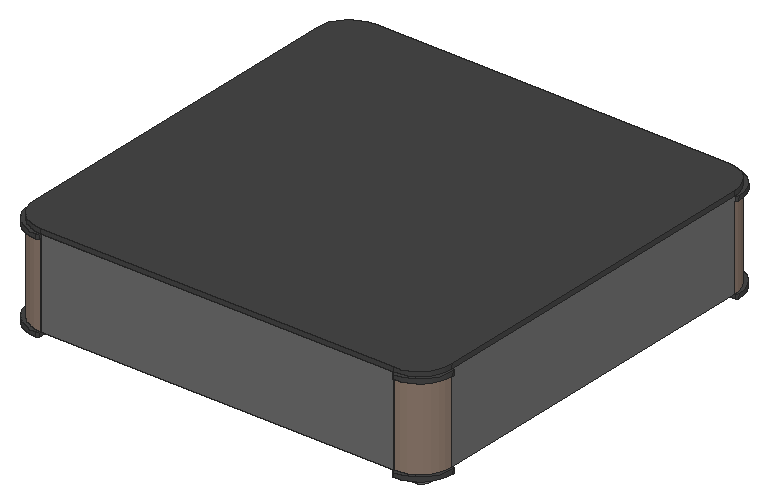
Revit family "QF_ADVENTYS_IE_1000_C-B_250902065221", category Specialty Equipment, Revit 2021
Family settings
  Round Connector Dimension = Use Diameter
  Part Type = Normal
  OmniClass Number = 23.40.40.14
  OmniClass Title = Food Service Equipment
  Work Plane-Based = No
  Always vertical = Yes
  Cut with Voids When Loaded = No
  Shared = No
  Room Calculation Point = No
Parameters (values of type "ADV1852")
  Weight in Pounds [instance] = 0
  Weight = 5.50 kg
  Warranty Start Date [instance] = ""
  Warranty Duration [instance] = ""
  Volts [instance] = 230 V
  URL Recommended Spares List = ""
  URL Manufacturer = ""
  URL Cutsheet = ""
  URL Critical Spares List = ""
  URL = "www.adventys.com"
  Tag Number [instance] = ""
  Status [instance] = ""
  Specification by User [instance] = ""
  Specification by Manufacturer [instance] = ""
  Sound Level [instance] = ""
  Solid Fuel Type [instance] = ""
  Service Life Duration [instance] = ""
  Serial Number [instance] = ""
  Seismic Rating [instance] = ""
  SMACNA No [instance] = ""
  Revision Code [instance] = ""
  Revision [instance] = ""
  Production Year [instance] = ""
  Point Load [instance] = 0
  Phase [instance] = 1
  Other Equipment Approvals [instance] = ""
  Number of Poles [instance] = 2
  NAFEM Spec ID Number [instance] = ""
  Model Warning [instance] = ""
  Model = "IE 1000 C-B"
  Min Ckt Ampacity [instance] = 0 A
  Max Overcurrent Protection [instance] = 16 A
  Masterspec [instance] = ""
  Manufacturer = "ADVENTYS"
  Length Actual = 390 mm
  Item Number [instance] = ""
  Installed By [instance] = ""
  Installation Date [instance] = ""
  Identify Quantity as Lot [instance] = no
  ID [instance] = ""
  Hygiene Approval [instance] = ""
  Hot Water Consumption = 0.0 L/s
  Height Actual = 96 mm
  HP power [instance] = ""
  Furnished By [instance] = ""
  Foodservice Equipment Identifier [instance] = no
  FL Amps [instance] = 10 A
  Electrical Remarks [instance] = ""
  Electric power [instance] = 0 W
  Electric Connection Type [instance] = ""
  Elec Conn RI Height [instance] = 0 mm
  Elec Conn Connection Height [instance] = 0 mm
  ETL Approved [instance] = no
  Description = "CUSTOMIZABLE 1 ZONE INDUCTION BUFFET"
  Depth Actual = 390 mm
  Default Elevation = 0 mm
  Cycle [instance] = 50 Hz
  Cost = 0
  Conn Plug [instance] = ""
  Conn Conduit [instance] = no
  CSI MasterFormat [instance] = ""
  CE Approved [instance] = no
  Barcode [instance] = 0
  Author [instance] = ""
  Asset Identifier [instance] = ""
  Apparent Power [instance] = 1000 VA
  Accessory = no
Reference planes
  plane 1 "Center (Front/Back)": y = 0
  plane 2: z = 0
  plane 3 "Center (Left/Right)": x = 0
Forms (mm)
  Extrusion 1, solid, not visible
    sketch origin (119.506, -2, 47.502) x (1, 0, 0) y (0, 1, 0)
      loop
        line (-2, 2) -> (-2, -2) -> (2, -2) -> (2, 2) -> (-2, 2)
    from -2 to 2
Dimensions and locks
  locked: Extrusion 1 to nested 2
  locked: nested 2 to Extrusion 1 at 2
  aligned and locked: level to plane 2
Nested families
  nested 1: "QF_ADVENTYS_ADV1852_2916" at (0, 0, 0), type "ADV1852"
    with Status "", Show Logo yes, Show Clearance yes
  nested 2: "CONN_POINT_ELE_2D___Generic_Annotation" at (119.506, 0, 47.502), type "CONN_POINT_ELE_2D___Generic_Annotation"
    with Onboard connection annotation symbol visibility yes
Connectors
  electrical at (119.506, 0, 47.502), driven by "Apparent Power", driven by "Number of Poles", driven by "Volts"
    settings: on Extrusion 1, index 1, voltage 230 V, apparent load 0 VA, apparent load phase1 1000 VA, apparent load phase2 0 VA, apparent load phase3 0 VA, power factor 1, load classification "Other", number of poles 2, system type 31, power factor state 1, is connector primary yes, connector utility no, sub classification motor no, connector description "Electrical connection for IE 1000 C-B"
Definition of nested family "QF_ADVENTYS_ADV1852_2916"
  Parameters (values of type "ADV1852")
    URL = "www.adventys.com"
    Status [instance] = ""
    Show Logo [instance] = yes
    Show Clearance [instance] = yes
    Model = "IE 1000 C-B"
    Manufacturer = "ADVENTYS"
    Description = "CUSTOMIZABLE 1 ZONE INDUCTION BUFFET"
    Default Elevation = 0 mm
    Author = "SPECIFI"
    Assembly Code = "E1090320"
  Reference planes
    plane 1 "Back": y = 0
    plane 2: z = 0
    plane 3 "Left": x = 0
    plane 4 "Right": x = 390
    plane 5 "Front": y = -390
    plane 6 "Top": z = 96
  Forms (mm)
    Extrusion 1, solid
      sketch origin (-437.879, -390, -60.3) x (1, 0, 0) y (0, 1, 0)
        loop
          line (437.879, 360) -> (437.879, 30) -> (467.879, 30) -> (467.879, 0) -> (797.879, 0) -> (797.879, 30) -> (827.879, 30) -> (827.879, 360) -> (797.879, 360) -> (797.879, 390) -> (577.879, 390) -> (577.879, 380) -> (482.879, 380) -> (482.879, 390) -> (467.879, 390) -> (467.879, 360) -> (437.879, 360)
      from 70.3 to 152.3
    Extrusion 2, solid
      sketch origin (30, -390, -14.006) x (1, 0, 0) y (0, 1, 0)
        loop
          line (0, 30) -> (-30.98, 30)
          arc (-30.98, 30) -> (-32.402, 29.388) -> (-32.935, 27.935) r 1.958
          arc (-32.935, 27.935) -> (-23.852, 6.102) -> (-2, -2.935) r 30.935
          arc (-2, -2.935) -> (-0.586, -2.35) -> (0, -0.935) r 2
          line (0, -0.935) -> (0, 30)
        loop
          line (330, 30) -> (330, -0.935)
          arc (330, -0.935) -> (330.586, -2.35) -> (332, -2.935) r 2
          arc (332, -2.935) -> (353.852, 6.102) -> (362.935, 27.935) r 30.935
          arc (362.935, 27.935) -> (362.402, 29.388) -> (360.98, 30) r 1.958
          line (360.98, 30) -> (330, 30)
        loop
          line (0, 360) -> (0, 390.935)
          arc (0, 390.935) -> (-0.586, 392.35) -> (-2, 392.935) r 2
          arc (-2, 392.935) -> (-23.852, 383.898) -> (-32.935, 362.065) r 30.935
          arc (-32.935, 362.065) -> (-32.402, 360.612) -> (-30.98, 360) r 1.958
          line (-30.98, 360) -> (0, 360)
        loop
          line (330, 360) -> (360.98, 360)
          arc (360.98, 360) -> (362.402, 360.612) -> (362.935, 362.065) r 1.958
          arc (362.935, 362.065) -> (353.852, 383.898) -> (332, 392.935) r 30.935
          arc (332, 392.935) -> (330.586, 392.35) -> (330, 390.935) r 2
          line (330, 390.935) -> (330, 360)
      from 20.006 to 24.006
    Extrusion 3, solid
      sketch origin (-430.601, -391.294, 0.995) x (1, 0, 0) y (0, 1, 0)
        loop
          circle (803.349, 18.158) r 8
        loop
          circle (447.454, 18.158) r 8
        loop
          circle (803.349, 374.212) r 8
        loop
          circle (447.454, 374.212) r 8
      from -0.995 to 5
    Extrusion 4, solid
      sketch origin (30, -390, 71.994) x (1, 0, 0) y (0, 1, 0)
        loop
          line (0, 0) -> (330, 0)
          arc (330, 0) -> (351.213, 8.787) -> (360, 30) r 30
          line (360, 30) -> (360, 360)
          arc (360, 360) -> (351.213, 381.213) -> (330, 390) r 30
          line (330, 390) -> (0, 390)
          arc (0, 390) -> (-21.213, 381.213) -> (-30, 360) r 30
          line (-30, 360) -> (-30, 30)
          arc (-30, 30) -> (-21.213, 8.787) -> (0, 0) r 30
      from 20.006 to 24.006
    Extrusion 5, solid
      sketch origin (30, -390, 67.994) x (1, 0, 0) y (0, 1, 0)
        loop
          arc (330, 390) -> (351.213, 381.213) -> (360, 360) r 30
          line (360, 360) -> (360.98, 360)
          arc (360.98, 360) -> (362.402, 360.612) -> (362.935, 362.065) r 1.958
          arc (362.935, 362.065) -> (353.852, 383.898) -> (332, 392.935) r 30.935
          arc (332, 392.935) -> (330.586, 392.35) -> (330, 390.935) r 2
          line (330, 390.935) -> (330, 390)
        loop
          line (330, 0) -> (330, -0.935)
          arc (330, -0.935) -> (330.586, -2.35) -> (332, -2.935) r 2
          arc (332, -2.935) -> (353.852, 6.102) -> (362.935, 27.935) r 30.935
          arc (362.935, 27.935) -> (362.402, 29.388) -> (360.98, 30) r 1.958
          line (360.98, 30) -> (360, 30)
          arc (360, 30) -> (351.213, 8.787) -> (330, 0) r 30
        loop
          line (0, 390) -> (0, 390.935)
          arc (0, 390.935) -> (-0.586, 392.35) -> (-2, 392.935) r 2
          arc (-2, 392.935) -> (-23.852, 383.898) -> (-32.935, 362.065) r 30.935
          arc (-32.935, 362.065) -> (-32.402, 360.612) -> (-30.98, 360) r 1.958
          line (-30.98, 360) -> (-30, 360)
          arc (-30, 360) -> (-21.213, 381.213) -> (0, 390) r 30
        loop
          arc (0, 0) -> (-21.213, 8.787) -> (-30, 30) r 30
          line (-30, 30) -> (-30.98, 30)
          arc (-30.98, 30) -> (-32.402, 29.388) -> (-32.935, 27.935) r 1.958
          arc (-32.935, 27.935) -> (-23.852, 6.102) -> (-2, -2.935) r 30.935
          arc (-2, -2.935) -> (-0.586, -2.35) -> (0, -0.935) r 2
          line (0, -0.935) -> (0, 0)
      from 20.006 to 24.006
    Extrusion 6, solid
      sketch origin (929.629, 0.2, -60.3) x (1, 0, 0) y (0, 0, 1)
        loop
          line (-603.629, 131.7) -> (-763.629, 131.7)
          arc (-763.629, 131.7) -> (-767.164, 130.236) -> (-768.629, 126.7) r 5
          line (-768.629, 126.7) -> (-768.629, 96.7)
          arc (-768.629, 96.7) -> (-767.164, 93.164) -> (-763.629, 91.7) r 5
          line (-763.629, 91.7) -> (-603.629, 91.7)
          arc (-603.629, 91.7) -> (-600.093, 93.164) -> (-598.629, 96.7) r 5
          line (-598.629, 96.7) -> (-598.629, 126.7)
          arc (-598.629, 126.7) -> (-600.093, 130.236) -> (-603.629, 131.7) r 5
      from -0.2 to 1.8
    Extrusion 7, solid
      sketch origin (1008.007, 0.6, -0.3) x (1, 0, 0) y (0, 0, 1)
        loop
          line (-925.507, 59.78) -> (-958.507, 59.78)
          arc (-958.507, 59.78) -> (-959.214, 59.487) -> (-959.507, 58.78) r 1
          line (-959.507, 58.78) -> (-959.507, 33.78)
          arc (-959.507, 33.78) -> (-959.214, 33.073) -> (-958.507, 32.78) r 1
          line (-958.507, 32.78) -> (-925.507, 32.78)
          arc (-925.507, 32.78) -> (-924.8, 33.073) -> (-924.507, 33.78) r 1
          line (-924.507, 33.78) -> (-924.507, 58.78)
          arc (-924.507, 58.78) -> (-924.8, 59.487) -> (-925.507, 59.78) r 1
        loop
          line (-933.072, 56.28) -> (-950.243, 56.28) -> (-955.657, 50.866) -> (-955.657, 39.28)
          arc (-955.657, 39.28) -> (-954.779, 37.159) -> (-952.657, 36.28) r 3
          line (-952.657, 36.28) -> (-930.657, 36.28)
          arc (-930.657, 36.28) -> (-928.536, 37.159) -> (-927.657, 39.28) r 3
          line (-927.657, 39.28) -> (-927.657, 50.866) -> (-933.072, 56.28)
      from -1.4 to 0.6
    Extrusion 8, solid
      sketch origin (621.129, 0.1, -1.33) x (1, 0, 0) y (0, 0, 1)
        loop
          line (-487.629, 59.78) -> (-515.629, 59.78)
          arc (-515.629, 59.78) -> (-516.336, 59.487) -> (-516.629, 58.78) r 1
          line (-516.629, 58.78) -> (-516.629, 26.78)
          arc (-516.629, 26.78) -> (-516.336, 26.073) -> (-515.629, 25.78) r 1
          line (-515.629, 25.78) -> (-487.629, 25.78)
          arc (-487.629, 25.78) -> (-486.922, 26.073) -> (-486.629, 26.78) r 1
          line (-486.629, 26.78) -> (-486.629, 58.78)
          arc (-486.629, 58.78) -> (-486.922, 59.487) -> (-487.629, 59.78) r 1
        loop
          line (-495.043, 55.85) -> (-508.214, 55.85) -> (-512.629, 51.436) -> (-512.629, 44.35)
          arc (-512.629, 44.35) -> (-511.75, 42.229) -> (-509.629, 41.35) r 3
          line (-509.629, 41.35) -> (-493.629, 41.35)
          arc (-493.629, 41.35) -> (-491.507, 42.229) -> (-490.629, 44.35) r 3
          line (-490.629, 44.35) -> (-490.629, 51.436) -> (-495.043, 55.85)
      from -1.9 to 0.1
    Extrusion 9, solid
      sketch origin (-437.629, 0.6, -0.3) x (-1, 0, 0) y (0, 0, -1)
        loop
          line (-663.129, -58.2) -> (-663.129, -45.2) -> (-704.129, -45.2) -> (-704.129, -58.2) -> (-663.129, -58.2)
      from 0 to 2
    Extrusion 10, solid
      sketch origin (-437.629, -55.341, -0.3) x (-1, 0, 0) y (0, 0, -1)
        loop
          line (-647.129, -55.95) -> (-647.129, -47.45)
          arc (-647.129, -47.45) -> (-647.788, -45.859) -> (-649.379, -45.2) r 2.25
          line (-649.379, -45.2) -> (-657.879, -45.2)
          arc (-657.879, -45.2) -> (-659.47, -45.859) -> (-660.129, -47.45) r 2.25
          line (-660.129, -47.45) -> (-660.129, -55.95)
          arc (-660.129, -55.95) -> (-659.47, -57.541) -> (-657.879, -58.2) r 2.25
          line (-657.879, -58.2) -> (-649.379, -58.2)
          arc (-649.379, -58.2) -> (-647.788, -57.541) -> (-647.129, -55.95) r 2.25
        loop
          line (-653.229, -55.7) -> (-653.229, -52.1) -> (-649.629, -52.1) -> (-649.629, -51.3) -> (-653.229, -51.3) -> (-653.229, -47.7) -> (-654.029, -47.7) -> (-654.029, -51.3) -> (-657.629, -51.3) -> (-657.629, -52.1) -> (-654.029, -52.1) -> (-654.029, -55.7) -> (-653.229, -55.7)
        loop
          line (-707.129, -55.95) -> (-707.129, -47.45)
          arc (-707.129, -47.45) -> (-707.788, -45.859) -> (-709.379, -45.2) r 2.25
          line (-709.379, -45.2) -> (-717.879, -45.2)
          arc (-717.879, -45.2) -> (-719.47, -45.859) -> (-720.129, -47.45) r 2.25
          line (-720.129, -47.45) -> (-720.129, -55.95)
          arc (-720.129, -55.95) -> (-719.47, -57.541) -> (-717.879, -58.2) r 2.25
          line (-717.879, -58.2) -> (-709.379, -58.2)
          arc (-709.379, -58.2) -> (-707.788, -57.541) -> (-707.129, -55.95) r 2.25
        loop
          line (-709.629, -52.1) -> (-709.629, -51.3) -> (-717.629, -51.3) -> (-717.629, -52.1) -> (-709.629, -52.1)
        loop
          circle (-733.525, -51.7) r 6.5
        loop
          line (-733.229, -55.7) -> (-733.229, -47.7) -> (-734.029, -47.7) -> (-734.029, -55.7) -> (-733.229, -55.7)
      from -55.941 to -53.941
    Extrusion 11, solid
      sketch origin (390, 0, -0.3) x (1, 0, 0) y (0, 0, 1)
        loop
          line (-315.064, 56.28) -> (-332.236, 56.28) -> (-337.65, 50.866) -> (-337.65, 39.28)
          arc (-337.65, 39.28) -> (-336.771, 37.159) -> (-334.65, 36.28) r 3
          line (-334.65, 36.28) -> (-312.65, 36.28)
          arc (-312.65, 36.28) -> (-310.529, 37.159) -> (-309.65, 39.28) r 3
          line (-309.65, 39.28) -> (-309.65, 50.866) -> (-315.064, 56.28)
        loop
          arc (-314.288, 56.918) -> (-314.636, 57.185) -> (-315.064, 57.28) r 1.013
          line (-315.064, 57.28) -> (-332.236, 57.28)
          arc (-332.236, 57.28) -> (-332.664, 57.185) -> (-333.012, 56.918) r 1.013
          line (-333.012, 56.918) -> (-338.357, 51.573)
          arc (-338.357, 51.573) -> (-338.593, 51.203) -> (-338.65, 50.768) r 1.013
          line (-338.65, 50.768) -> (-338.65, 39.28)
          arc (-338.65, 39.28) -> (-337.478, 36.452) -> (-334.65, 35.28) r 4
          line (-334.65, 35.28) -> (-312.65, 35.28)
          arc (-312.65, 35.28) -> (-309.822, 36.452) -> (-308.65, 39.28) r 4
          line (-308.65, 39.28) -> (-308.65, 50.866)
          arc (-308.65, 50.866) -> (-308.754, 51.316) -> (-309.044, 51.674) r 1.026
          line (-309.044, 51.674) -> (-314.288, 56.918)
      from 0 to 10
    Extrusion 12, solid
      sketch origin (1007.504, -0.4, -7.495) x (1, 0, 0) y (0, 0, 1)
        loop
          line (-932.568, 63.475) -> (-949.74, 63.475) -> (-955.154, 58.061) -> (-955.154, 46.475)
          arc (-955.154, 46.475) -> (-954.276, 44.354) -> (-952.154, 43.475) r 3
          line (-952.154, 43.475) -> (-930.154, 43.475)
          arc (-930.154, 43.475) -> (-928.033, 44.354) -> (-927.154, 46.475) r 3
          line (-927.154, 46.475) -> (-927.154, 58.061) -> (-932.568, 63.475)
      from 9.19 to 10.6
    Extrusion 13, solid
      sketch origin (440, 0, -0.3) x (1, 0, 0) y (0, 0, 1)
        loop
          line (-309.5, 43.32) -> (-309.5, 50.406) -> (-313.914, 54.82) -> (-327.086, 54.82) -> (-331.5, 50.406) -> (-331.5, 43.32)
          arc (-331.5, 43.32) -> (-330.621, 41.199) -> (-328.5, 40.32) r 3
          line (-328.5, 40.32) -> (-312.5, 40.32)
          arc (-312.5, 40.32) -> (-310.379, 41.199) -> (-309.5, 43.32) r 3
        loop
          line (-327.5, 55.82) -> (-332.5, 50.82) -> (-332.5, 42.32)
          arc (-332.5, 42.32) -> (-331.621, 40.199) -> (-329.5, 39.32) r 3
          line (-329.5, 39.32) -> (-311.5, 39.32)
          arc (-311.5, 39.32) -> (-309.379, 40.199) -> (-308.5, 42.32) r 3
          line (-308.5, 42.32) -> (-308.5, 50.82) -> (-313.5, 55.82) -> (-327.5, 55.82)
      from 0 to 10
    Extrusion 14, solid
      sketch origin (1057.654, -0.4, -7.955) x (1, 0, 0) y (0, 0, 1)
        loop
          line (-931.568, 62.475) -> (-944.74, 62.475) -> (-949.154, 58.061) -> (-949.154, 50.975)
          arc (-949.154, 50.975) -> (-948.276, 48.854) -> (-946.154, 47.975) r 3
          line (-946.154, 47.975) -> (-930.154, 47.975)
          arc (-930.154, 47.975) -> (-928.033, 48.854) -> (-927.154, 50.975) r 3
          line (-927.154, 50.975) -> (-927.154, 58.061) -> (-931.568, 62.475)
      from 9.19 to 10.6
    Extrusion 15, solid
      sketch origin (386.871, 0, -0.3) x (1, 0, 0) y (0, 0, 1)
        loop
          line (-310.164, 49.073) -> (-314.565, 53.473)
          arc (-314.565, 53.473) -> (-314.936, 53.701) -> (-315.363, 53.78) r 1.194
          line (-315.363, 53.78) -> (-326.359, 53.78)
          arc (-326.359, 53.78) -> (-326.794, 53.723) -> (-327.164, 53.487) r 1.013
          line (-327.164, 53.487) -> (-331.539, 49.112)
          arc (-331.539, 49.112) -> (-331.784, 48.774) -> (-331.871, 48.366) r 1.005
          line (-331.871, 48.366) -> (-331.871, 41.28)
          arc (-331.871, 41.28) -> (-331.139, 39.512) -> (-329.371, 38.78) r 2.5
          line (-329.371, 38.78) -> (-312.371, 38.78)
          arc (-312.371, 38.78) -> (-310.604, 39.512) -> (-309.871, 41.28) r 2.5
          line (-309.871, 41.28) -> (-309.871, 48.348)
          arc (-309.871, 48.348) -> (-309.935, 48.744) -> (-310.164, 49.073) r 0.897
        loop
          line (-319.371, 45.78) -> (-319.371, 50.78) -> (-322.371, 50.78) -> (-322.371, 45.78) -> (-319.371, 45.78)
        loop
          line (-312.371, 41.48) -> (-312.371, 46.48) -> (-315.371, 46.48) -> (-315.371, 41.48) -> (-312.371, 41.48)
        loop
          line (-326.371, 41.48) -> (-326.371, 46.48) -> (-329.371, 46.48) -> (-329.371, 41.48) -> (-326.371, 41.48)
      from -2 to 10
    Extrusion 16, solid
      sketch origin (440, 0, -0.3) x (1, 0, 0) y (0, 0, 1)
        loop
          line (-319.5, 50.82) -> (-321.5, 50.82) -> (-321.5, 47.82) -> (-319.5, 47.82) -> (-319.5, 50.82)
        loop
          line (-312.5, 46.32) -> (-314.5, 46.32) -> (-314.5, 43.32) -> (-312.5, 43.32) -> (-312.5, 46.32)
        loop
          line (-326.5, 46.32) -> (-328.5, 46.32) -> (-328.5, 43.32) -> (-326.5, 43.32) -> (-326.5, 46.32)
      from 0.6 to 10
    Blend 17, solid
      base sketch origin (390, 0, -0.3) x (1, 0, 0) y (0, 0, 1)
        loop
          line (-269.5, 50.82) -> (-271.5, 50.82) -> (-271.5, 47.82) -> (-269.5, 47.82) -> (-269.5, 50.82)
      top sketch origin (390, 0, -0.3) x (1, 0, 0) y (0, 0, 1)
        loop
          line (-270, 48.32) -> (-270, 50.32) -> (-271, 50.32) -> (-271, 48.32) -> (-270, 48.32)
      from 0.6 to -1.4
    Blend 18, solid
      base sketch origin (397, 0, -4.8) x (1, 0, 0) y (0, 0, 1)
        loop
          line (-269.5, 50.82) -> (-271.5, 50.82) -> (-271.5, 47.82) -> (-269.5, 47.82) -> (-269.5, 50.82)
      top sketch origin (397, 0, -4.8) x (1, 0, 0) y (0, 0, 1)
        loop
          line (-270, 48.32) -> (-270, 50.32) -> (-271, 50.32) -> (-271, 48.32) -> (-270, 48.32)
      from 0.6 to -1.4
    Blend 19, solid
      base sketch origin (383, 0, -4.8) x (1, 0, 0) y (0, 0, 1)
        loop
          line (-269.5, 50.82) -> (-271.5, 50.82) -> (-271.5, 47.82) -> (-269.5, 47.82) -> (-269.5, 50.82)
      top sketch origin (383, 0, -4.8) x (1, 0, 0) y (0, 0, 1)
        loop
          line (-270, 48.32) -> (-270, 50.32) -> (-271, 50.32) -> (-271, 48.32) -> (-270, 48.32)
      from 0.6 to -1.4
    Extrusion 20, solid
      sketch origin (392.221, 0, -0.3) x (1, 0, 0) y (0, 0, 1)
        loop
          line (-252.221, 92.3) -> (-347.221, 92.3) -> (-347.221, 10.3) -> (-252.221, 10.3) -> (-252.221, 92.3)
        loop
          arc (-263.721, 39.32) -> (-261.6, 40.199) -> (-260.721, 42.32) r 3
          line (-260.721, 42.32) -> (-260.721, 50.82) -> (-265.721, 55.82) -> (-279.721, 55.82) -> (-284.721, 50.82) -> (-284.721, 42.32)
          arc (-284.721, 42.32) -> (-283.843, 40.199) -> (-281.721, 39.32) r 3
          line (-281.721, 39.32) -> (-263.721, 39.32)
        loop
          line (-317.286, 57.28) -> (-334.457, 57.28)
          arc (-334.457, 57.28) -> (-334.885, 57.185) -> (-335.233, 56.918) r 1.013
          line (-335.233, 56.918) -> (-340.578, 51.573)
          arc (-340.578, 51.573) -> (-340.814, 51.203) -> (-340.871, 50.768) r 1.013
          line (-340.871, 50.768) -> (-340.871, 39.28)
          arc (-340.871, 39.28) -> (-339.7, 36.452) -> (-336.871, 35.28) r 4
          line (-336.871, 35.28) -> (-314.871, 35.28)
          arc (-314.871, 35.28) -> (-312.043, 36.452) -> (-310.871, 39.28) r 4
          line (-310.871, 39.28) -> (-310.871, 50.866)
          arc (-310.871, 50.866) -> (-310.975, 51.316) -> (-311.266, 51.674) r 1.026
          line (-311.266, 51.674) -> (-316.509, 56.918)
          arc (-316.509, 56.918) -> (-316.857, 57.185) -> (-317.286, 57.28) r 1.013
      from 0 to 10
    Extrusion 21, solid
      sketch origin (0, 0, 0) x (1, 0, 0) y (0, 1, 0)
        loop
          arc (30, 0) -> (8.787, -8.787) -> (0, -30) r 30
          line (0, -30) -> (30, -30) -> (30, 0)
        loop
          line (30, -390) -> (30, -360) -> (0, -360)
          arc (0, -360) -> (8.787, -381.213) -> (30, -390) r 30
        loop
          line (360, 0) -> (360, -30) -> (390, -30)
          arc (390, -30) -> (381.213, -8.787) -> (360, 0) r 30
        loop
          arc (360, -390) -> (381.213, -381.213) -> (390, -360) r 30
          line (390, -360) -> (360, -360) -> (360, -390)
      from 10 to 88
  Cuts and joins
    joined: Extrusion 1, Extrusion 20
  Lines and regions (mm)
    symbolic lines
      curve 1: line (0, -360, 0) -> (0, -30, 0)
      curve 2: line (30, 0, 0) -> (360, 0, 0)
      curve 3: line (390, -30, 0) -> (390, -360, 0)
      curve 4: line (360, -390, 0) -> (30, -390, 0)
      curve 5: arc (0, -360, 0) -> (8.787, -381.213, 0) -> (30, -390, 0) r 30
      curve 6: arc (360, -390, 0) -> (381.213, -381.213, 0) -> (390, -360, 0) r 30
      curve 7: arc (0, -30, 0) -> (8.787, -8.787, 0) -> (30, 0, 0) r 30
      curve 8: arc (360, 0, 0) -> (381.213, -8.787, 0) -> (390, -30, 0) r 30
      curve 9: line (0, -360, 0) -> (-0.98, -360, 0)
      curve 10: arc (-0.98, -360, 0) -> (-2.365, -360.574, 0) -> (-2.938, -361.958, 0) r 1.958
      curve 11: arc (-2.938, -361.958, 0) -> (6.135, -383.862, 0) -> (28.039, -392.935, 0) r 30.977
      curve 12: arc (28.039, -392.935, 0) -> (29.426, -392.361, 0) -> (30, -390.974, 0) r 1.961
      curve 13: line (30, -390.974, 0) -> (30, -390, 0)
      curve 14: line (390, -360, 0) -> (390.98, -360, 0)
      curve 15: arc (390.98, -360, 0) -> (392.365, -360.574, 0) -> (392.938, -361.958, 0) r 1.958
      curve 16: arc (392.938, -361.958, 0) -> (383.865, -383.862, 0) -> (361.961, -392.935, 0) r 30.977
      curve 17: arc (361.961, -392.935, 0) -> (360.574, -392.361, 0) -> (360, -390.974, 0) r 1.961
      curve 18: line (360, -390.974, 0) -> (360, -390, 0)
      curve 19: line (0, -30, 0) -> (-0.98, -30, 0)
      curve 20: arc (-0.98, -30, 0) -> (-2.365, -29.426, 0) -> (-2.938, -28.042, 0) r 1.958
      curve 21: arc (-2.938, -28.042, 0) -> (6.135, -6.138, 0) -> (28.039, 2.935, 0) r 30.977
      curve 22: arc (28.039, 2.935, 0) -> (29.426, 2.361, 0) -> (30, 0.974, 0) r 1.961
      curve 23: line (30, 0.974, 0) -> (30, 0, 0)
      curve 24: line (390, -30, 0) -> (390.98, -30, 0)
      curve 25: arc (390.98, -30, 0) -> (392.365, -29.426, 0) -> (392.938, -28.042, 0) r 1.958
      curve 26: arc (392.938, -28.042, 0) -> (383.865, -6.138, 0) -> (361.961, 2.935, 0) r 30.977
      curve 27: arc (361.961, 2.935, 0) -> (360.574, 2.361, 0) -> (360, 0.974, 0) r 1.961
      curve 28: line (360, 0.974, 0) -> (360, 0, 0)
  Dimensions and locks
    plane 6 "Top" to level = 96 mm
    plane 3 "Left" to plane 4 "Right" = 390 mm
    plane 5 "Front" to plane 1 "Back" = 390 mm
    aligned and locked: level to plane 2
Definition of nested family "CONN_POINT_ELE_2D___Generic_Annotation"
  Parameters (values of type "CONN_POINT_ELE_2D___Generic_Annotation")
    Onboard connection annotation symbol visibility [instance] = yes
  Reference planes
    plane 1: y = 0
    plane 2: x = 0
  Lines and regions (mm)
    detail lines, visible <- "Onboard connection annotation symbol visibility"
      curve 1: circle (0, 0, 0) r 0.5 normal (0, 0, 1)
      curve 2: line (-1, 0, 0) -> (1, 0, 0)
      curve 3: line (0, 1, 0) -> (0, -1, 0)
      curve 4: line (2.5, 1, 0) -> (1.25, 1, 0)
      curve 5: line (1.25, 1, 0) -> (1.25, -1, 0)
      curve 6: line (1.25, -1, 0) -> (2.5, -1, 0)
      curve 7: line (1.25, 0, 0) -> (2, 0, 0)
